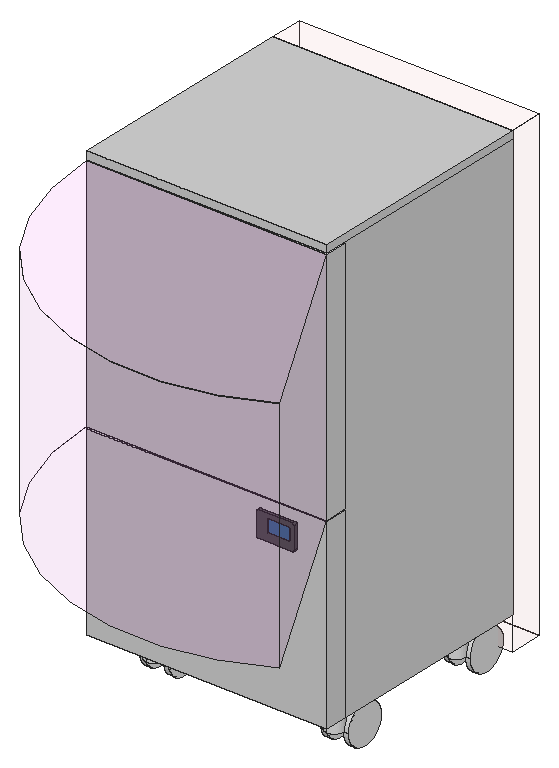
Revit family "Normann_ENTRY_ETR10A-R290", category Attrezzature speciali, Revit 2021 (continued)
Definition of nested family "Griglia_Entry_Large"
  Lines and regions (mm)
    model lines, detail levels medium+fine
      curve 3029: line (497.128, -355.181, 0) -> (497.128, -325.181, 0)
      curve 3030: line (503.128, -355.181, 0) -> (497.128, -355.181, 0)
      curve 3031: line (503.128, -325.181, 0) -> (503.128, -355.181, 0)
      curve 3032: line (497.128, -325.181, 0) -> (503.128, -325.181, 0)
      curve 3033: line (497.128, -388.261, 0) -> (497.128, -358.261, 0)
      curve 3034: line (503.128, -388.261, 0) -> (497.128, -388.261, 0)
      curve 3035: line (503.128, -358.261, 0) -> (503.128, -388.261, 0)
      curve 3036: line (497.128, -358.261, 0) -> (503.128, -358.261, 0)
      curve 3037: line (497.128, -421.341, 0) -> (497.128, -391.341, 0)
      curve 3038: line (503.128, -421.341, 0) -> (497.128, -421.341, 0)
      curve 3039: line (503.128, -391.341, 0) -> (503.128, -421.341, 0)
      curve 3040: line (497.128, -391.341, 0) -> (503.128, -391.341, 0)
      curve 3041: line (497.128, -454.421, 0) -> (497.128, -424.421, 0)
      curve 3042: line (503.128, -454.421, 0) -> (497.128, -454.421, 0)
      curve 3043: line (503.128, -424.421, 0) -> (503.128, -454.421, 0)
      curve 3044: line (497.128, -424.421, 0) -> (503.128, -424.421, 0)
      curve 3045: line (497.128, -487.501, 0) -> (497.128, -457.501, 0)
      curve 3046: line (503.128, -487.501, 0) -> (497.128, -487.501, 0)
      curve 3047: line (503.128, -457.501, 0) -> (503.128, -487.501, 0)
      curve 3048: line (497.128, -457.501, 0) -> (503.128, -457.501, 0)
      curve 3049: line (505.728, -156.701, 0) -> (505.728, -126.701, 0)
      curve 3050: line (511.728, -156.701, 0) -> (505.728, -156.701, 0)
      curve 3051: line (511.728, -126.701, 0) -> (511.728, -156.701, 0)
      curve 3052: line (505.728, -126.701, 0) -> (511.728, -126.701, 0)
      curve 3053: line (505.728, -189.781, 0) -> (505.728, -159.781, 0)
      curve 3054: line (511.728, -189.781, 0) -> (505.728, -189.781, 0)
      curve 3055: line (511.728, -159.781, 0) -> (511.728, -189.781, 0)
      curve 3056: line (505.728, -159.781, 0) -> (511.728, -159.781, 0)
      curve 3057: line (505.728, -222.861, 0) -> (505.728, -192.861, 0)
      curve 3058: line (511.728, -222.861, 0) -> (505.728, -222.861, 0)
      curve 3059: line (511.728, -192.861, 0) -> (511.728, -222.861, 0)
      curve 3060: line (505.728, -192.861, 0) -> (511.728, -192.861, 0)
      curve 3061: line (505.728, -255.941, 0) -> (505.728, -225.941, 0)
      curve 3062: line (511.728, -255.941, 0) -> (505.728, -255.941, 0)
      curve 3063: line (511.728, -225.941, 0) -> (511.728, -255.941, 0)
      curve 3064: line (505.728, -225.941, 0) -> (511.728, -225.941, 0)
      curve 3065: line (505.728, -289.021, 0) -> (505.728, -259.021, 0)
      curve 3066: line (511.728, -289.021, 0) -> (505.728, -289.021, 0)
      curve 3067: line (511.728, -259.021, 0) -> (511.728, -289.021, 0)
      curve 3068: line (505.728, -259.021, 0) -> (511.728, -259.021, 0)
      curve 3069: line (505.728, -322.101, 0) -> (505.728, -292.101, 0)
      curve 3070: line (511.728, -322.101, 0) -> (505.728, -322.101, 0)
      curve 3071: line (511.728, -292.101, 0) -> (511.728, -322.101, 0)
      curve 3072: line (505.728, -292.101, 0) -> (511.728, -292.101, 0)
      curve 3073: line (505.728, -355.181, 0) -> (505.728, -325.181, 0)
      curve 3074: line (511.728, -355.181, 0) -> (505.728, -355.181, 0)
      curve 3075: line (511.728, -325.181, 0) -> (511.728, -355.181, 0)
      curve 3076: line (505.728, -325.181, 0) -> (511.728, -325.181, 0)
      curve 3077: line (505.728, -388.261, 0) -> (505.728, -358.261, 0)
      curve 3078: line (511.728, -388.261, 0) -> (505.728, -388.261, 0)
      curve 3079: line (511.728, -358.261, 0) -> (511.728, -388.261, 0)
      curve 3080: line (505.728, -358.261, 0) -> (511.728, -358.261, 0)
      curve 3081: line (505.728, -421.341, 0) -> (505.728, -391.341, 0)
      curve 3082: line (511.728, -421.341, 0) -> (505.728, -421.341, 0)
      curve 3083: line (511.728, -391.341, 0) -> (511.728, -421.341, 0)
      curve 3084: line (505.728, -391.341, 0) -> (511.728, -391.341, 0)
      curve 3085: line (505.728, -454.421, 0) -> (505.728, -424.421, 0)
      curve 3086: line (511.728, -454.421, 0) -> (505.728, -454.421, 0)
      curve 3087: line (511.728, -424.421, 0) -> (511.728, -454.421, 0)
      curve 3088: line (505.728, -424.421, 0) -> (511.728, -424.421, 0)
      curve 3089: line (505.728, -487.501, 0) -> (505.728, -457.501, 0)
      curve 3090: line (511.728, -487.501, 0) -> (505.728, -487.501, 0)
      curve 3091: line (511.728, -457.501, 0) -> (511.728, -487.501, 0)
      curve 3092: line (505.728, -457.501, 0) -> (511.728, -457.501, 0)
      curve 3093: line (514.328, -156.701, 0) -> (514.328, -126.701, 0)
      curve 3094: line (520.328, -156.701, 0) -> (514.328, -156.701, 0)
      curve 3095: line (520.328, -126.701, 0) -> (520.328, -156.701, 0)
      curve 3096: line (514.328, -126.701, 0) -> (520.328, -126.701, 0)
      curve 3097: line (514.328, -189.781, 0) -> (514.328, -159.781, 0)
      curve 3098: line (520.328, -189.781, 0) -> (514.328, -189.781, 0)
      curve 3099: line (520.328, -159.781, 0) -> (520.328, -189.781, 0)
      curve 3100: line (514.328, -159.781, 0) -> (520.328, -159.781, 0)
      curve 3101: line (514.328, -222.861, 0) -> (514.328, -192.861, 0)
      curve 3102: line (520.328, -222.861, 0) -> (514.328, -222.861, 0)
      curve 3103: line (520.328, -192.861, 0) -> (520.328, -222.861, 0)
      curve 3104: line (514.328, -192.861, 0) -> (520.328, -192.861, 0)
      curve 3105: line (514.328, -255.941, 0) -> (514.328, -225.941, 0)
      curve 3106: line (520.328, -255.941, 0) -> (514.328, -255.941, 0)
      curve 3107: line (520.328, -225.941, 0) -> (520.328, -255.941, 0)
      curve 3108: line (514.328, -225.941, 0) -> (520.328, -225.941, 0)
      curve 3109: line (514.328, -289.021, 0) -> (514.328, -259.021, 0)
      curve 3110: line (520.328, -289.021, 0) -> (514.328, -289.021, 0)
      curve 3111: line (520.328, -259.021, 0) -> (520.328, -289.021, 0)
      curve 3112: line (514.328, -259.021, 0) -> (520.328, -259.021, 0)
      curve 3113: line (514.328, -322.101, 0) -> (514.328, -292.101, 0)
      curve 3114: line (520.328, -322.101, 0) -> (514.328, -322.101, 0)
      curve 3115: line (520.328, -292.101, 0) -> (520.328, -322.101, 0)
      curve 3116: line (514.328, -292.101, 0) -> (520.328, -292.101, 0)
      curve 3117: line (514.328, -355.181, 0) -> (514.328, -325.181, 0)
      curve 3118: line (520.328, -355.181, 0) -> (514.328, -355.181, 0)
      curve 3119: line (520.328, -325.181, 0) -> (520.328, -355.181, 0)
      curve 3120: line (514.328, -325.181, 0) -> (520.328, -325.181, 0)
      curve 3121: line (514.328, -388.261, 0) -> (514.328, -358.261, 0)
      curve 3122: line (520.328, -388.261, 0) -> (514.328, -388.261, 0)
      curve 3123: line (520.328, -358.261, 0) -> (520.328, -388.261, 0)
      curve 3124: line (514.328, -358.261, 0) -> (520.328, -358.261, 0)
      curve 3125: line (514.328, -421.341, 0) -> (514.328, -391.341, 0)
      curve 3126: line (520.328, -421.341, 0) -> (514.328, -421.341, 0)
      curve 3127: line (520.328, -391.341, 0) -> (520.328, -421.341, 0)
      curve 3128: line (514.328, -391.341, 0) -> (520.328, -391.341, 0)
      curve 3129: line (514.328, -454.421, 0) -> (514.328, -424.421, 0)
      curve 3130: line (520.328, -454.421, 0) -> (514.328, -454.421, 0)
      curve 3131: line (520.328, -424.421, 0) -> (520.328, -454.421, 0)
      curve 3132: line (514.328, -424.421, 0) -> (520.328, -424.421, 0)
      curve 3133: line (514.328, -487.501, 0) -> (514.328, -457.501, 0)
      curve 3134: line (520.328, -487.501, 0) -> (514.328, -487.501, 0)
      curve 3135: line (520.328, -457.501, 0) -> (520.328, -487.501, 0)
      curve 3136: line (514.328, -457.501, 0) -> (520.328, -457.501, 0)
      curve 3137: line (522.928, -156.701, 0) -> (522.928, -126.701, 0)
      curve 3138: line (528.928, -156.701, 0) -> (522.928, -156.701, 0)
      curve 3139: line (528.928, -126.701, 0) -> (528.928, -156.701, 0)
      curve 3140: line (522.928, -126.701, 0) -> (528.928, -126.701, 0)
      curve 3141: line (522.928, -189.781, 0) -> (522.928, -159.781, 0)
      curve 3142: line (528.928, -189.781, 0) -> (522.928, -189.781, 0)
      curve 3143: line (528.928, -159.781, 0) -> (528.928, -189.781, 0)
      curve 3144: line (522.928, -159.781, 0) -> (528.928, -159.781, 0)
      curve 3145: line (522.928, -222.861, 0) -> (522.928, -192.861, 0)
      curve 3146: line (528.928, -222.861, 0) -> (522.928, -222.861, 0)
      curve 3147: line (528.928, -192.861, 0) -> (528.928, -222.861, 0)
      curve 3148: line (522.928, -192.861, 0) -> (528.928, -192.861, 0)
      curve 3149: line (522.928, -255.941, 0) -> (522.928, -225.941, 0)
      curve 3150: line (528.928, -255.941, 0) -> (522.928, -255.941, 0)
      curve 3151: line (528.928, -225.941, 0) -> (528.928, -255.941, 0)
      curve 3152: line (522.928, -225.941, 0) -> (528.928, -225.941, 0)
      curve 3153: line (522.928, -289.021, 0) -> (522.928, -259.021, 0)
      curve 3154: line (528.928, -289.021, 0) -> (522.928, -289.021, 0)
      curve 3155: line (528.928, -259.021, 0) -> (528.928, -289.021, 0)
      curve 3156: line (522.928, -259.021, 0) -> (528.928, -259.021, 0)
      curve 3157: line (522.928, -322.101, 0) -> (522.928, -292.101, 0)
      curve 3158: line (528.928, -322.101, 0) -> (522.928, -322.101, 0)
      curve 3159: line (528.928, -292.101, 0) -> (528.928, -322.101, 0)
      curve 3160: line (522.928, -292.101, 0) -> (528.928, -292.101, 0)
      curve 3161: line (522.928, -355.181, 0) -> (522.928, -325.181, 0)
      curve 3162: line (528.928, -355.181, 0) -> (522.928, -355.181, 0)
      curve 3163: line (528.928, -325.181, 0) -> (528.928, -355.181, 0)
      curve 3164: line (522.928, -325.181, 0) -> (528.928, -325.181, 0)
      curve 3165: line (522.928, -388.261, 0) -> (522.928, -358.261, 0)
      curve 3166: line (528.928, -388.261, 0) -> (522.928, -388.261, 0)
      curve 3167: line (528.928, -358.261, 0) -> (528.928, -388.261, 0)
      curve 3168: line (522.928, -358.261, 0) -> (528.928, -358.261, 0)
      curve 3169: line (522.928, -421.341, 0) -> (522.928, -391.341, 0)
      curve 3170: line (528.928, -421.341, 0) -> (522.928, -421.341, 0)
      curve 3171: line (528.928, -391.341, 0) -> (528.928, -421.341, 0)
      curve 3172: line (522.928, -391.341, 0) -> (528.928, -391.341, 0)
      curve 3173: line (522.928, -454.421, 0) -> (522.928, -424.421, 0)
      curve 3174: line (528.928, -454.421, 0) -> (522.928, -454.421, 0)
      curve 3175: line (528.928, -424.421, 0) -> (528.928, -454.421, 0)
      curve 3176: line (522.928, -424.421, 0) -> (528.928, -424.421, 0)
      curve 3177: line (522.928, -487.501, 0) -> (522.928, -457.501, 0)
      curve 3178: line (528.928, -487.501, 0) -> (522.928, -487.501, 0)
      curve 3179: line (528.928, -457.501, 0) -> (528.928, -487.501, 0)
      curve 3180: line (522.928, -457.501, 0) -> (528.928, -457.501, 0)
      curve 3181: line (564.128, -156.701, 0) -> (564.128, -126.701, 0)
      curve 3182: line (570.128, -156.701, 0) -> (564.128, -156.701, 0)
      curve 3183: line (570.128, -126.701, 0) -> (570.128, -156.701, 0)
      curve 3184: line (564.128, -126.701, 0) -> (570.128, -126.701, 0)
      curve 3185: line (564.128, -189.781, 0) -> (564.128, -159.781, 0)
      curve 3186: line (570.128, -189.781, 0) -> (564.128, -189.781, 0)
      curve 3187: line (570.128, -159.781, 0) -> (570.128, -189.781, 0)
      curve 3188: line (564.128, -159.781, 0) -> (570.128, -159.781, 0)
      curve 3189: line (564.128, -222.861, 0) -> (564.128, -192.861, 0)
      curve 3190: line (570.128, -222.861, 0) -> (564.128, -222.861, 0)
      curve 3191: line (570.128, -192.861, 0) -> (570.128, -222.861, 0)
      curve 3192: line (564.128, -192.861, 0) -> (570.128, -192.861, 0)
      curve 3193: line (564.128, -255.941, 0) -> (564.128, -225.941, 0)
      curve 3194: line (570.128, -255.941, 0) -> (564.128, -255.941, 0)
      curve 3195: line (570.128, -225.941, 0) -> (570.128, -255.941, 0)
      curve 3196: line (564.128, -225.941, 0) -> (570.128, -225.941, 0)
      curve 3197: line (564.128, -289.021, 0) -> (564.128, -259.021, 0)
      curve 3198: line (570.128, -289.021, 0) -> (564.128, -289.021, 0)
      curve 3199: line (570.128, -259.021, 0) -> (570.128, -289.021, 0)
      curve 3200: line (564.128, -259.021, 0) -> (570.128, -259.021, 0)
      curve 3201: line (564.128, -322.101, 0) -> (564.128, -292.101, 0)
      curve 3202: line (570.128, -322.101, 0) -> (564.128, -322.101, 0)
      curve 3203: line (570.128, -292.101, 0) -> (570.128, -322.101, 0)
      curve 3204: line (564.128, -292.101, 0) -> (570.128, -292.101, 0)
      curve 3205: line (564.128, -355.181, 0) -> (564.128, -325.181, 0)
      curve 3206: line (570.128, -355.181, 0) -> (564.128, -355.181, 0)
      curve 3207: line (570.128, -325.181, 0) -> (570.128, -355.181, 0)
      curve 3208: line (564.128, -325.181, 0) -> (570.128, -325.181, 0)
      curve 3209: line (564.128, -388.261, 0) -> (564.128, -358.261, 0)
      curve 3210: line (570.128, -388.261, 0) -> (564.128, -388.261, 0)
      curve 3211: line (570.128, -358.261, 0) -> (570.128, -388.261, 0)
      curve 3212: line (564.128, -358.261, 0) -> (570.128, -358.261, 0)
      curve 3213: line (564.128, -421.341, 0) -> (564.128, -391.341, 0)
      curve 3214: line (570.128, -421.341, 0) -> (564.128, -421.341, 0)
      curve 3215: line (570.128, -391.341, 0) -> (570.128, -421.341, 0)
      curve 3216: line (564.128, -391.341, 0) -> (570.128, -391.341, 0)
      curve 3217: line (564.128, -454.421, 0) -> (564.128, -424.421, 0)
      curve 3218: line (570.128, -454.421, 0) -> (564.128, -454.421, 0)
      curve 3219: line (570.128, -424.421, 0) -> (570.128, -454.421, 0)
      curve 3220: line (564.128, -424.421, 0) -> (570.128, -424.421, 0)
      curve 3221: line (564.128, -487.501, 0) -> (564.128, -457.501, 0)
      curve 3222: line (570.128, -487.501, 0) -> (564.128, -487.501, 0)
      curve 3223: line (570.128, -457.501, 0) -> (570.128, -487.501, 0)
      curve 3224: line (564.128, -457.501, 0) -> (570.128, -457.501, 0)
      curve 3225: line (572.728, -156.701, 0) -> (572.728, -126.701, 0)
      curve 3226: line (578.728, -156.701, 0) -> (572.728, -156.701, 0)
      curve 3227: line (578.728, -126.701, 0) -> (578.728, -156.701, 0)
      curve 3228: line (572.728, -126.701, 0) -> (578.728, -126.701, 0)
      curve 3229: line (572.728, -189.781, 0) -> (572.728, -159.781, 0)
      curve 3230: line (578.728, -189.781, 0) -> (572.728, -189.781, 0)
      curve 3231: line (578.728, -159.781, 0) -> (578.728, -189.781, 0)
      curve 3232: line (572.728, -159.781, 0) -> (578.728, -159.781, 0)
      curve 3233: line (572.728, -222.861, 0) -> (572.728, -192.861, 0)
      curve 3234: line (578.728, -222.861, 0) -> (572.728, -222.861, 0)
      curve 3235: line (578.728, -192.861, 0) -> (578.728, -222.861, 0)
      curve 3236: line (572.728, -192.861, 0) -> (578.728, -192.861, 0)
      curve 3237: line (572.728, -255.941, 0) -> (572.728, -225.941, 0)
      curve 3238: line (578.728, -255.941, 0) -> (572.728, -255.941, 0)
      curve 3239: line (578.728, -225.941, 0) -> (578.728, -255.941, 0)
      curve 3240: line (572.728, -225.941, 0) -> (578.728, -225.941, 0)
      curve 3241: line (572.728, -289.021, 0) -> (572.728, -259.021, 0)
      curve 3242: line (578.728, -289.021, 0) -> (572.728, -289.021, 0)
      curve 3243: line (578.728, -259.021, 0) -> (578.728, -289.021, 0)
      curve 3244: line (572.728, -259.021, 0) -> (578.728, -259.021, 0)
      curve 3245: line (572.728, -322.101, 0) -> (572.728, -292.101, 0)
      curve 3246: line (578.728, -322.101, 0) -> (572.728, -322.101, 0)
      curve 3247: line (578.728, -292.101, 0) -> (578.728, -322.101, 0)
      curve 3248: line (572.728, -292.101, 0) -> (578.728, -292.101, 0)
      curve 3249: line (572.728, -355.181, 0) -> (572.728, -325.181, 0)
      curve 3250: line (578.728, -355.181, 0) -> (572.728, -355.181, 0)
      curve 3251: line (578.728, -325.181, 0) -> (578.728, -355.181, 0)
      curve 3252: line (572.728, -325.181, 0) -> (578.728, -325.181, 0)
      curve 3253: line (572.728, -388.261, 0) -> (572.728, -358.261, 0)
      curve 3254: line (578.728, -388.261, 0) -> (572.728, -388.261, 0)
      curve 3255: line (578.728, -358.261, 0) -> (578.728, -388.261, 0)
      curve 3256: line (572.728, -358.261, 0) -> (578.728, -358.261, 0)
      curve 3257: line (572.728, -421.341, 0) -> (572.728, -391.341, 0)
      curve 3258: line (578.728, -421.341, 0) -> (572.728, -421.341, 0)
      curve 3259: line (578.728, -391.341, 0) -> (578.728, -421.341, 0)
      curve 3260: line (572.728, -391.341, 0) -> (578.728, -391.341, 0)
      curve 3261: line (572.728, -454.421, 0) -> (572.728, -424.421, 0)
      curve 3262: line (578.728, -454.421, 0) -> (572.728, -454.421, 0)
      curve 3263: line (578.728, -424.421, 0) -> (578.728, -454.421, 0)
      curve 3264: line (572.728, -424.421, 0) -> (578.728, -424.421, 0)
      curve 3265: line (572.728, -487.501, 0) -> (572.728, -457.501, 0)
      curve 3266: line (578.728, -487.501, 0) -> (572.728, -487.501, 0)
      curve 3267: line (578.728, -457.501, 0) -> (578.728, -487.501, 0)
      curve 3268: line (572.728, -457.501, 0) -> (578.728, -457.501, 0)
      curve 3269: line (581.328, -156.701, 0) -> (581.328, -126.701, 0)
      curve 3270: line (587.328, -156.701, 0) -> (581.328, -156.701, 0)
      curve 3271: line (587.328, -126.701, 0) -> (587.328, -156.701, 0)
      curve 3272: line (581.328, -126.701, 0) -> (587.328, -126.701, 0)
      curve 3273: line (581.328, -189.781, 0) -> (581.328, -159.781, 0)
      curve 3274: line (587.328, -189.781, 0) -> (581.328, -189.781, 0)
      curve 3275: line (587.328, -159.781, 0) -> (587.328, -189.781, 0)
      curve 3276: line (581.328, -159.781, 0) -> (587.328, -159.781, 0)
      curve 3277: line (581.328, -222.861, 0) -> (581.328, -192.861, 0)
      curve 3278: line (587.328, -222.861, 0) -> (581.328, -222.861, 0)
      curve 3279: line (587.328, -192.861, 0) -> (587.328, -222.861, 0)
      curve 3280: line (581.328, -192.861, 0) -> (587.328, -192.861, 0)
      curve 3281: line (581.328, -255.941, 0) -> (581.328, -225.941, 0)
      curve 3282: line (587.328, -255.941, 0) -> (581.328, -255.941, 0)
      curve 3283: line (587.328, -225.941, 0) -> (587.328, -255.941, 0)
      curve 3284: line (581.328, -225.941, 0) -> (587.328, -225.941, 0)
      curve 3285: line (581.328, -289.021, 0) -> (581.328, -259.021, 0)
      curve 3286: line (587.328, -289.021, 0) -> (581.328, -289.021, 0)
      curve 3287: line (587.328, -259.021, 0) -> (587.328, -289.021, 0)
      curve 3288: line (581.328, -259.021, 0) -> (587.328, -259.021, 0)
      curve 3289: line (581.328, -322.101, 0) -> (581.328, -292.101, 0)
      curve 3290: line (587.328, -322.101, 0) -> (581.328, -322.101, 0)
      curve 3291: line (587.328, -292.101, 0) -> (587.328, -322.101, 0)
      curve 3292: line (581.328, -292.101, 0) -> (587.328, -292.101, 0)
      curve 3293: line (581.328, -355.181, 0) -> (581.328, -325.181, 0)
      curve 3294: line (587.328, -355.181, 0) -> (581.328, -355.181, 0)
      curve 3295: line (587.328, -325.181, 0) -> (587.328, -355.181, 0)
      curve 3296: line (581.328, -325.181, 0) -> (587.328, -325.181, 0)
      curve 3297: line (581.328, -388.261, 0) -> (581.328, -358.261, 0)
      curve 3298: line (587.328, -388.261, 0) -> (581.328, -388.261, 0)
      curve 3299: line (587.328, -358.261, 0) -> (587.328, -388.261, 0)
      curve 3300: line (581.328, -358.261, 0) -> (587.328, -358.261, 0)
      curve 3301: line (581.328, -421.341, 0) -> (581.328, -391.341, 0)
      curve 3302: line (587.328, -421.341, 0) -> (581.328, -421.341, 0)
      curve 3303: line (587.328, -391.341, 0) -> (587.328, -421.341, 0)
      curve 3304: line (581.328, -391.341, 0) -> (587.328, -391.341, 0)
      curve 3305: line (581.328, -454.421, 0) -> (581.328, -424.421, 0)
      curve 3306: line (587.328, -454.421, 0) -> (581.328, -454.421, 0)
      curve 3307: line (587.328, -424.421, 0) -> (587.328, -454.421, 0)
      curve 3308: line (581.328, -424.421, 0) -> (587.328, -424.421, 0)
      curve 3309: line (581.328, -487.501, 0) -> (581.328, -457.501, 0)
      curve 3310: line (587.328, -487.501, 0) -> (581.328, -487.501, 0)
      curve 3311: line (587.328, -457.501, 0) -> (587.328, -487.501, 0)
      curve 3312: line (581.328, -457.501, 0) -> (587.328, -457.501, 0)
      curve 3313: line (589.928, -156.701, 0) -> (589.928, -126.701, 0)
      curve 3314: line (595.928, -156.701, 0) -> (589.928, -156.701, 0)
      curve 3315: line (595.928, -126.701, 0) -> (595.928, -156.701, 0)
      curve 3316: line (589.928, -126.701, 0) -> (595.928, -126.701, 0)
      curve 3317: line (589.928, -189.781, 0) -> (589.928, -159.781, 0)
      curve 3318: line (595.928, -189.781, 0) -> (589.928, -189.781, 0)
      curve 3319: line (595.928, -159.781, 0) -> (595.928, -189.781, 0)
      curve 3320: line (589.928, -159.781, 0) -> (595.928, -159.781, 0)
      curve 3321: line (589.928, -222.861, 0) -> (589.928, -192.861, 0)
      curve 3322: line (595.928, -222.861, 0) -> (589.928, -222.861, 0)
      curve 3323: line (595.928, -192.861, 0) -> (595.928, -222.861, 0)
      curve 3324: line (589.928, -192.861, 0) -> (595.928, -192.861, 0)
      curve 3325: line (589.928, -255.941, 0) -> (589.928, -225.941, 0)
      curve 3326: line (595.928, -255.941, 0) -> (589.928, -255.941, 0)
      curve 3327: line (595.928, -225.941, 0) -> (595.928, -255.941, 0)
      curve 3328: line (589.928, -225.941, 0) -> (595.928, -225.941, 0)
      curve 3329: line (589.928, -289.021, 0) -> (589.928, -259.021, 0)
      curve 3330: line (595.928, -289.021, 0) -> (589.928, -289.021, 0)
      curve 3331: line (595.928, -259.021, 0) -> (595.928, -289.021, 0)
      curve 3332: line (589.928, -259.021, 0) -> (595.928, -259.021, 0)
      curve 3333: line (589.928, -322.101, 0) -> (589.928, -292.101, 0)
      curve 3334: line (595.928, -322.101, 0) -> (589.928, -322.101, 0)
      curve 3335: line (595.928, -292.101, 0) -> (595.928, -322.101, 0)
      curve 3336: line (589.928, -292.101, 0) -> (595.928, -292.101, 0)
      curve 3337: line (589.928, -355.181, 0) -> (589.928, -325.181, 0)
      curve 3338: line (595.928, -355.181, 0) -> (589.928, -355.181, 0)
      curve 3339: line (595.928, -325.181, 0) -> (595.928, -355.181, 0)
      curve 3340: line (589.928, -325.181, 0) -> (595.928, -325.181, 0)
      curve 3341: line (589.928, -388.261, 0) -> (589.928, -358.261, 0)
      curve 3342: line (595.928, -388.261, 0) -> (589.928, -388.261, 0)
      curve 3343: line (595.928, -358.261, 0) -> (595.928, -388.261, 0)
      curve 3344: line (589.928, -358.261, 0) -> (595.928, -358.261, 0)
      curve 3345: line (589.928, -421.341, 0) -> (589.928, -391.341, 0)
      curve 3346: line (595.928, -421.341, 0) -> (589.928, -421.341, 0)
      curve 3347: line (595.928, -391.341, 0) -> (595.928, -421.341, 0)
      curve 3348: line (589.928, -391.341, 0) -> (595.928, -391.341, 0)
      curve 3349: line (589.928, -454.421, 0) -> (589.928, -424.421, 0)
      curve 3350: line (595.928, -454.421, 0) -> (589.928, -454.421, 0)
      curve 3351: line (595.928, -424.421, 0) -> (595.928, -454.421, 0)
      curve 3352: line (589.928, -424.421, 0) -> (595.928, -424.421, 0)
      curve 3353: line (589.928, -487.501, 0) -> (589.928, -457.501, 0)
      curve 3354: line (595.928, -487.501, 0) -> (589.928, -487.501, 0)
      curve 3355: line (595.928, -457.501, 0) -> (595.928, -487.501, 0)
      curve 3356: line (589.928, -457.501, 0) -> (595.928, -457.501, 0)
      curve 3357: line (598.528, -156.701, 0) -> (598.528, -126.701, 0)
      curve 3358: line (604.528, -156.701, 0) -> (598.528, -156.701, 0)
      curve 3359: line (604.528, -126.701, 0) -> (604.528, -156.701, 0)
      curve 3360: line (598.528, -126.701, 0) -> (604.528, -126.701, 0)
      curve 3361: line (598.528, -189.781, 0) -> (598.528, -159.781, 0)
      curve 3362: line (604.528, -189.781, 0) -> (598.528, -189.781, 0)
      curve 3363: line (604.528, -159.781, 0) -> (604.528, -189.781, 0)
      curve 3364: line (598.528, -159.781, 0) -> (604.528, -159.781, 0)
      curve 3365: line (598.528, -222.861, 0) -> (598.528, -192.861, 0)
      curve 3366: line (604.528, -222.861, 0) -> (598.528, -222.861, 0)
      curve 3367: line (604.528, -192.861, 0) -> (604.528, -222.861, 0)
      curve 3368: line (598.528, -192.861, 0) -> (604.528, -192.861, 0)
      curve 3369: line (598.528, -255.941, 0) -> (598.528, -225.941, 0)
      curve 3370: line (604.528, -255.941, 0) -> (598.528, -255.941, 0)
      curve 3371: line (604.528, -225.941, 0) -> (604.528, -255.941, 0)
      curve 3372: line (598.528, -225.941, 0) -> (604.528, -225.941, 0)
      curve 3373: line (598.528, -289.021, 0) -> (598.528, -259.021, 0)
      curve 3374: line (604.528, -289.021, 0) -> (598.528, -289.021, 0)
      curve 3375: line (604.528, -259.021, 0) -> (604.528, -289.021, 0)
      curve 3376: line (598.528, -259.021, 0) -> (604.528, -259.021, 0)
      curve 3377: line (598.528, -322.101, 0) -> (598.528, -292.101, 0)
      curve 3378: line (604.528, -322.101, 0) -> (598.528, -322.101, 0)
      curve 3379: line (604.528, -292.101, 0) -> (604.528, -322.101, 0)
      curve 3380: line (598.528, -292.101, 0) -> (604.528, -292.101, 0)
      curve 3381: line (598.528, -355.181, 0) -> (598.528, -325.181, 0)
      curve 3382: line (604.528, -355.181, 0) -> (598.528, -355.181, 0)
      curve 3383: line (604.528, -325.181, 0) -> (604.528, -355.181, 0)
      curve 3384: line (598.528, -325.181, 0) -> (604.528, -325.181, 0)
      curve 3385: line (598.528, -388.261, 0) -> (598.528, -358.261, 0)
      curve 3386: line (604.528, -388.261, 0) -> (598.528, -388.261, 0)
      curve 3387: line (604.528, -358.261, 0) -> (604.528, -388.261, 0)
      curve 3388: line (598.528, -358.261, 0) -> (604.528, -358.261, 0)
      curve 3389: line (598.528, -421.341, 0) -> (598.528, -391.341, 0)
      curve 3390: line (604.528, -421.341, 0) -> (598.528, -421.341, 0)
      curve 3391: line (604.528, -391.341, 0) -> (604.528, -421.341, 0)
      curve 3392: line (598.528, -391.341, 0) -> (604.528, -391.341, 0)
      curve 3393: line (598.528, -454.421, 0) -> (598.528, -424.421, 0)
      curve 3394: line (604.528, -454.421, 0) -> (598.528, -454.421, 0)
      curve 3395: line (604.528, -424.421, 0) -> (604.528, -454.421, 0)
      curve 3396: line (598.528, -424.421, 0) -> (604.528, -424.421, 0)
      curve 3397: line (598.528, -487.501, 0) -> (598.528, -457.501, 0)
      curve 3398: line (604.528, -487.501, 0) -> (598.528, -487.501, 0)
      curve 3399: line (604.528, -457.501, 0) -> (604.528, -487.501, 0)
      curve 3400: line (598.528, -457.501, 0) -> (604.528, -457.501, 0)
      curve 3401: line (186.083, -57.762, 0) -> (186.083, -27.762, 0)
      curve 3402: line (192.083, -57.762, 0) -> (186.083, -57.762, 0)
      curve 3403: line (192.083, -27.762, 0) -> (192.083, -57.762, 0)
      curve 3404: line (186.083, -27.762, 0) -> (192.083, -27.762, 0)
      curve 3405: line (186.083, -90.842, 0) -> (186.083, -60.842, 0)
      curve 3406: line (192.083, -90.842, 0) -> (186.083, -90.842, 0)
      curve 3407: line (192.083, -60.842, 0) -> (192.083, -90.842, 0)
      curve 3408: line (186.083, -60.842, 0) -> (192.083, -60.842, 0)
      curve 3409: line (186.083, -123.922, 0) -> (186.083, -93.922, 0)
      curve 3410: line (192.083, -123.922, 0) -> (186.083, -123.922, 0)
      curve 3411: line (192.083, -93.922, 0) -> (192.083, -123.922, 0)
      curve 3412: line (186.083, -93.922, 0) -> (192.083, -93.922, 0)
      curve 3413: line (186.083, -157.002, 0) -> (186.083, -127.002, 0)
      curve 3414: line (192.083, -157.002, 0) -> (186.083, -157.002, 0)
      curve 3415: line (192.083, -127.002, 0) -> (192.083, -157.002, 0)
      curve 3416: line (186.083, -127.002, 0) -> (192.083, -127.002, 0)
      curve 3417: line (186.083, -190.082, 0) -> (186.083, -160.082, 0)
      curve 3418: line (192.083, -190.082, 0) -> (186.083, -190.082, 0)
      curve 3419: line (192.083, -160.082, 0) -> (192.083, -190.082, 0)
      curve 3420: line (186.083, -160.082, 0) -> (192.083, -160.082, 0)
      curve 3421: line (186.083, -223.162, 0) -> (186.083, -193.162, 0)
      curve 3422: line (192.083, -223.162, 0) -> (186.083, -223.162, 0)
      curve 3423: line (192.083, -193.162, 0) -> (192.083, -223.162, 0)
      curve 3424: line (186.083, -193.162, 0) -> (192.083, -193.162, 0)
      curve 3425: line (186.083, -256.242, 0) -> (186.083, -226.242, 0)
      curve 3426: line (192.083, -256.242, 0) -> (186.083, -256.242, 0)
      curve 3427: line (192.083, -226.242, 0) -> (192.083, -256.242, 0)
      curve 3428: line (186.083, -226.242, 0) -> (192.083, -226.242, 0)
      curve 3429: line (186.083, -289.322, 0) -> (186.083, -259.322, 0)
      curve 3430: line (192.083, -289.322, 0) -> (186.083, -289.322, 0)
      curve 3431: line (192.083, -259.322, 0) -> (192.083, -289.322, 0)
      curve 3432: line (186.083, -259.322, 0) -> (192.083, -259.322, 0)
      curve 3433: line (186.083, -322.402, 0) -> (186.083, -292.402, 0)
      curve 3434: line (192.083, -322.402, 0) -> (186.083, -322.402, 0)
      curve 3435: line (192.083, -292.402, 0) -> (192.083, -322.402, 0)
      curve 3436: line (186.083, -292.402, 0) -> (192.083, -292.402, 0)
      curve 3437: line (186.083, -355.481, 0) -> (186.083, -325.481, 0)
      curve 3438: line (192.083, -355.481, 0) -> (186.083, -355.481, 0)
      curve 3439: line (192.083, -325.481, 0) -> (192.083, -355.481, 0)
      curve 3440: line (186.083, -325.481, 0) -> (192.083, -325.481, 0)
      curve 3441: line (186.083, -388.561, 0) -> (186.083, -358.561, 0)
      curve 3442: line (192.083, -388.561, 0) -> (186.083, -388.561, 0)
      curve 3443: line (192.083, -358.561, 0) -> (192.083, -388.561, 0)
      curve 3444: line (186.083, -358.561, 0) -> (192.083, -358.561, 0)
      curve 3445: line (186.083, -421.641, 0) -> (186.083, -391.641, 0)
      curve 3446: line (192.083, -421.641, 0) -> (186.083, -421.641, 0)
      curve 3447: line (192.083, -391.641, 0) -> (192.083, -421.641, 0)
      curve 3448: line (186.083, -391.641, 0) -> (192.083, -391.641, 0)
      curve 3449: line (186.083, -454.721, 0) -> (186.083, -424.721, 0)
      curve 3450: line (192.083, -454.721, 0) -> (186.083, -454.721, 0)
      curve 3451: line (192.083, -424.721, 0) -> (192.083, -454.721, 0)
      curve 3452: line (186.083, -424.721, 0) -> (192.083, -424.721, 0)
      curve 3453: line (186.083, -487.801, 0) -> (186.083, -457.801, 0)
      curve 3454: line (192.083, -487.801, 0) -> (186.083, -487.801, 0)
      curve 3455: line (192.083, -457.801, 0) -> (192.083, -487.801, 0)
      curve 3456: line (186.083, -457.801, 0) -> (192.083, -457.801, 0)
  Dimensions and locks
    aligned and locked: plane 2 to Extrusion 1
    aligned and locked: level to Extrusion 1
Types (5, lengths in mm): name | Wheel_Feet | Wheel | ID | Height_Feet_Actual | Height Actual | Feet
  (no name) | yes | yes | "5A1D1D3B1-10A2D" | 100 | 1396 | no
  ENTRY10 AIR, R290, 220-240/1N/50, EVJ805, LHH, FEET | no | no | "5A1D1D3B1-10A1B" | 125 | 1412 | yes
  ENTRY10 AIR, R290, 220-240/1N/50, EVJ805, LHH, WHEELS | yes | yes | "5A1D1D3B1-10A1D" | 100 | 1396 | no
  ENTRY10 AIR, R290, 220-240/1N/50, EVJ805, RHH, FEET | no | no | "5A1D1D3B1-10A2B" | 125 | 1412 | yes
  ENTRY10 AIR, R290, 220-240/1N/50, EVJ805, RHH, WHEELS | yes | yes | "5A1D1D3B1-10A2D" | 100 | 1396 | no
